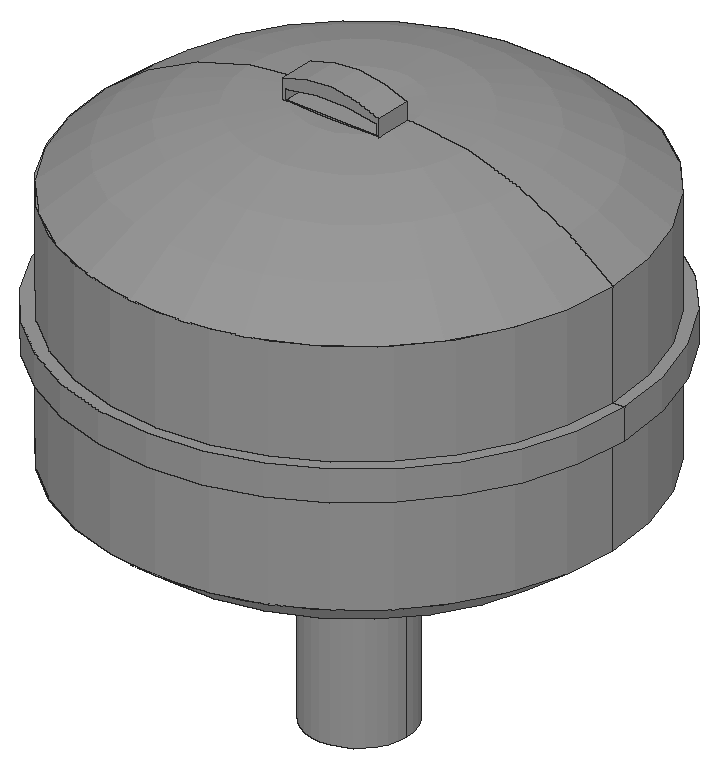
Revit family "WHS", category Pipe Accessories, Revit 2026
Family settings
  Round Connector Dimension = Use Diameter
  Part Type = Normal
  Classification Number = 23.60.30.11.14.11
  Work Plane-Based = No
  Always vertical = Yes
  Cut with Voids When Loaded = No
  Shared = No
Parameters (values of type "WHS-11")
  URL = "www.mifab.com"
  NPSM Size = 0' - 2"
  Model = "WHS"
  Manufacturer = "Mifab"
  Material = Carbon Steel
  Height = 0' - 8"
  Diameter = 0' - 10 1/2"
  Description = "Water Hammer Arrestors For Heavy Equipment"
  Default Elevation = 0' - 0"
  Assembly Code = ""
Types (10): name | NPSM Size | Material | Height | Diameter
  (no name) | 0' - 2" | Carbon Steel | 0' - 8" | 0' - 10 1/2"
  WHS-11 | 0' - 2" | Carbon Steel | 0' - 8" | 0' - 10 1/2"
  WHS-12 | 0' - 2" | Metal-Watts-Copper | 0' - 10" | 0' - 10 1/2"
  WHS-13 | 0' - 2" | Metal-Watts-Copper | 0' - 10 3/4" | 1' - 4"
  WHS-14 | 0' - 2" | Metal-Watts-Copper | 1' - 2" | 1' - 4"
  WHS-15 | 0' - 3" | Metal-Watts-Copper | 1' - 6" | 2' - 0"
  WHS-16 | 0' - 3" | Metal-Watts-Copper | 1' - 10 3/4" | 2' - 0"
  WHS-17 | 0' - 4" | Metal-Watts-Copper | 2' - 1" | 3' - 0"
  WHS-17S | 0' - 6" | Metal-Watts-Copper | 3' - 4" | 3' - 6"
  WHS-18 | 0' - 6" | Metal-Watts-Copper | 3' - 11" | 4' - 0"
Reference planes (in)
  plane 1 "Center (Front/Back)": y = 0
  plane 2: z = 0
  plane 3 "Center (Left/Right)": x = 0
  plane 4: x = -5.25
  plane 5: x = 5.25
  plane 6: z = 13.54317
  plane 7: z = 17.54317
  plane 8: z = 9.54317
  plane 9: x = -1
  plane 10: x = 1
Forms (in)
  Revolve 1, solid, material "Carbon Steel" <- "Material"
    sketch origin (0, 0, 0) x (1, 0, 0) y (0, 0, 1)
      loop
        arc (5.25, 15.98937) -> (2.79627, 17.34498) -> (0, 17.54317) r 6.51052
        line (0, 17.54317) -> (0, 15.98937) -> (5.25, 15.98937)
      axis (0, 17.54317) -> (0, 15.98937)
    angle from 0 to 360
  Revolve 2, solid, material "Carbon Steel" <- "Material"
    sketch origin (0, 0, 0) x (1, 0, 0) y (0, 0, 1)
      loop
        line (0, 15.98937) -> (0, 11.09697) -> (5.25, 11.09697) -> (5.25, 13.23494) -> (5.5, 13.23494) -> (5.5, 13.8514) -> (5.25, 13.8514) -> (5.25, 15.98937) -> (0, 15.98937)
      axis (0, 15.98937) -> (0, 11.09697)
    angle from 0 to 360
  Revolve 3, solid, material "Carbon Steel" <- "Material"
    sketch origin (0, 0, 0) x (1, 0, 0) y (0, 0, 1)
      loop
        line (5.25, 11.09697) -> (0, 11.09697) -> (0, 9.54317)
        arc (0, 9.54317) -> (2.79627, 9.74137) -> (5.25, 11.09697) r 6.51052
      axis (0, 11.09697) -> (0, 9.54317)
    angle from 0 to 360
  Revolve 4, solid, material "Carbon Steel" <- "Material"
    sketch origin (0, 0, 0) x (1, 0, 0) y (0, 0, 1)
      loop
        line (0, 11.09697) -> (0, 6.1541) -> (1, 6.1541) -> (1, 11.09697) -> (0, 11.09697)
      axis (0, 11.09697) -> (0, 6.1541)
    angle from 0 to 360
  Extrusion 5, void
    sketch origin (0, 0, 0) x (1, 0, 0) y (0, 0, 1)
      loop
        line (-0.92932, 17.61297) -> (0.95683, 17.61297) -> (0.95683, 17.83555)
        arc (0.95683, 17.83555) -> (0.01269, 17.937) -> (-0.92932, 17.81741) r 4.0791
        line (-0.92932, 17.81741) -> (-0.92932, 17.61297)
    from 1.88915 to -1.38661
  Extrusion 6, solid, material "Carbon Steel" <- "Material"
    sketch origin (0, 0, 0) x (1, 0, 0) y (0, 0, 1)
      loop
        line (-1, 17.54317) -> (1, 17.54317) -> (1, 17.93624)
        arc (1, 17.93624) -> (0.00576, 18.17481) -> (-1, 17.99071) r 2.47254
        line (-1, 17.99071) -> (-1, 17.54317)
    from 0 to 0.72395
Cuts and joins
  Extrusion 5 cuts Extrusion 6
  joined: Revolve 3, Revolve 4, Extrusion 6
Lines and regions (in)
  model lines
    curve 1: line (0, 0, 13.54317) -> (0, 0, 9.54317)
    curve 2: line (0, 0, 15.53216) -> (0, 0, 16.59466)
Dimensions and locks (in)
  equal spacing: plane 4, plane 3 "Center (Left/Right)", plane 5
  "Diameter": plane 4 to plane 5
  equal spacing: plane 7, plane 6, plane 8
  "Height": plane 7 to plane 8
  equal spacing: plane 9, plane 3 "Center (Left/Right)", plane 10
  "NPSM Size": plane 9 to plane 10
  aligned and locked: Revolve 1 sketch curve to plane 3 "Center (Left/Right)"
  aligned and locked: Revolve 2 sketch curve to plane 3 "Center (Left/Right)"
  aligned and locked: Revolve 2 sketch curve to Revolve 1
  aligned and locked: plane 7 to Revolve 1 sketch curve
  aligned and locked: plane 8 to Revolve 3 sketch curve
  aligned and locked: Revolve 3 sketch curve to plane 3 "Center (Left/Right)"
  aligned and locked: Revolve 4 sketch curve to Revolve 2
  aligned and locked: Revolve 4 sketch curve to plane 3 "Center (Left/Right)"
  aligned and locked: plane 10 to Revolve 4 sketch curve
  aligned and locked: plane 5 to Revolve 2 sketch curve
  aligned and locked: Revolve 2 sketch curve to Revolve 2 sketch curve
Automatic sketch dimensions
  curve 1 to plane 3 "Center (Left/Right)" = 0' - 0"
  curve 2 to plane 3 "Center (Left/Right)" = 0' - 0"
  curve 1 to plane 8 = 0' - 0"
  curve 1 to plane 6 = 0' - 0"
  curve 1 to curve 2 = 0' - 1.98899"
  plane 7 to curve 2 = 0' - 0.94851"
  Revolve 1 sketch curve to plane 3 "Center (Left/Right)" = 0' - 0"
  plane 5 to Revolve 1 sketch curve = 0' - 0"
  plane 7 to Revolve 1 sketch curve = 0' - 1.5538"
  plane 10 to Revolve 1 sketch curve = 0' - 0.05137"
  plane 8 to Revolve 1 sketch curve = 0' - 2.9462"
  Revolve 1 sketch curve to Revolve 1 sketch curve = 0' - 2.0538"
  Revolve 2 sketch curve to plane 3 "Center (Left/Right)" = 0' - 0"
  Revolve 2 sketch curve to plane 8 = 0' - 1.5538"
  Revolve 2 sketch curve to plane 5 = 0' - 0 1/4"
  plane 6 to Revolve 2 sketch curve = 0' - 0.30823"
  Revolve 2 sketch curve to plane 6 = 0' - 0.30823"
  plane 8 to Revolve 2 sketch curve = 0' - 3.18096"
  Revolve 2 sketch curve to plane 7 = 0' - 1.06904"
  Revolve 3 sketch curve to plane 3 "Center (Left/Right)" = 0' - 0"
  plane 5 to Revolve 3 sketch curve = 0' - 0"
  Revolve 3 sketch curve to plane 8 = 0' - 1.5538"
  plane 10 to Revolve 3 sketch curve = 0' - 0.05137"
  plane 8 to Revolve 3 sketch curve = 0' - 1 1/2"
  Revolve 3 sketch curve to Revolve 3 sketch curve = 0' - 0.25354"
  Revolve 4 sketch curve to plane 3 "Center (Left/Right)" = 0' - 0"
  plane 8 to Revolve 4 sketch curve = 0' - 3.38907"
  Revolve 4 sketch curve to Revolve 4 sketch curve = 0' - 0.86093"
  plane 6 to Revolve 4 sketch curve = 0' - 1"
  Extrusion 5 sketch curve to plane 9 = 0' - 0.07068"
  Extrusion 5 sketch curve to plane 7 = 0' - 0.0698"
  plane 10 to Extrusion 5 sketch curve = 0' - 0.04317"
  plane 3 "Center (Left/Right)" to Extrusion 5 sketch curve = 0' - 0.05192"
  Extrusion 5 sketch curve to Extrusion 5 sketch curve = 0' - 0.22258"
  Extrusion 5 sketch curve to Extrusion 5 sketch curve = 0' - 0.20444"
  Extrusion 6 sketch curve to plane 7 = 0' - 0"
  plane 9 to Extrusion 6 sketch curve = 0' - 0"
  plane 10 to Extrusion 6 sketch curve = 0' - 0"
  Extrusion 6 sketch curve to plane 3 "Center (Left/Right)" = 0' - 0.06156"
  Extrusion 6 sketch curve to plane 6 = 0' - 2.16001"
  Extrusion 6 sketch curve to Extrusion 6 sketch curve = 0' - 0.44754"
Connectors (in)
  piping at (0, 0, 6.1541), diameter 2
    settings: on Revolve 4, index 1, connector inside diameter 2", connector length 0' - 0", flow factor 0, pipe flow 0 GPM, pressure drop 0.00 psi, fitting loss kfactor 0, connector angle 0.00°, fixture units 0, engagement length 0' - 0", angle of deflection 0.00°, flow configuration 1, flow direction 1, fitting loss method 0, system type 29, joint type 0, gender type 0, connector reference index -1, connector utility 0, adjustable connector no, is connector primary yes, connector description "In"
